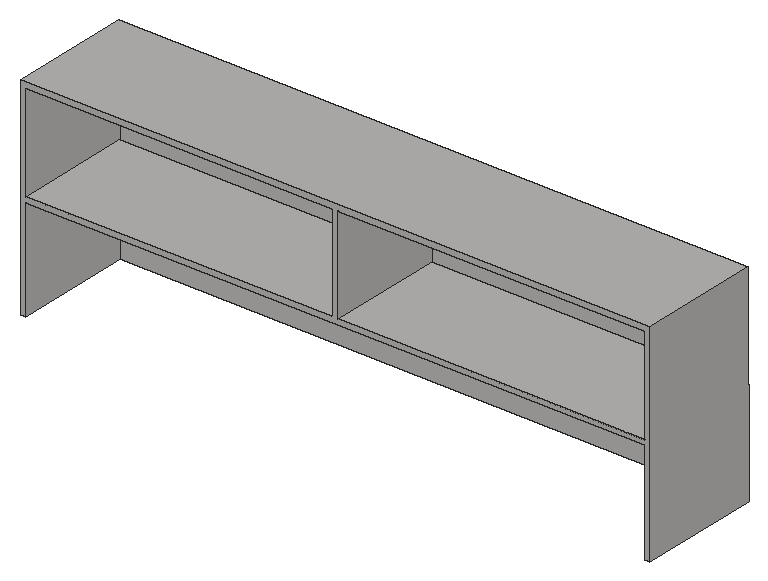
Revit family "Storage-Mounted-Teknion-JNMDO-Desktop_Cabinet_Open-R2016", category Furniture, Revit 2016
Family settings
  OmniClass Number = 23.40.20.00
  OmniClass Title = General Furniture and Specialties
  Work Plane-Based = No
  Always vertical = Yes
  Cut with Voids When Loaded = No
  Shared = Yes
  Room Calculation Point = No
Parameters (values of type "Solid Fascia")
  not(Solid) = no
  Width [instance] = 84.000"
  Warranty = "http://www.teknion.com/ca/papers/legal-canada"
  Unit Weight URL = "http://www.teknion.com/ca/tools/assets#&asset=bee6a381-b954-425e-8283-5a2de3a804f2,f828d448-4b62-4231-9e5f-9a8991c0ed77"
  URL = "www.teknion.com"
  To render, please download texture images [instance] = "https://assets.teknion.com/web/5e81352c1dfdb467/revit-material-swatches/"
  Sustainability Data = "http://www.teknion.com/ca/tools/assets#&topic=216f99a5-57a0-44fc-b10a-9dee9b29ae4c&asset=444deb64-fe58-4b68-981e-f75e97781df7"
  Solid = yes
  How To Use Teknion Materials User Guide [instance] = "https://assets.teknion.com/m/205dd0a49fa58060/original/How-to-add-a-Material-Library-and-Texture-Images-to-your-Revit-project.pdf"
  Glass Markerboard Finish [instance] = Back-painted Glass - K7 - Teknion - Very White
  Glass = no
  For Additional Finishes, please visit [instance] = "https://assets.teknion.com/m/44a8009b046e5d47/original/Teknion_Materials_Library.zip"
  Felt & Fabric = no
  Series = "Cityline"  # constant formula
  Product Page URL = "http://www.teknion.com/ca/products/product-details?productlineid=9ad2a26e-8e7a-673b-a6c8-ff05004460c4"
  Product Line = "Cityline"  # constant formula
  Product Documentation Link = "http://www.teknion.com/pricing/expansion-cityline/pdfs/JNMDO_ppg.pdf"
  Part Number = "JNMDO"
  Model = "JNMDOS___"
  Manufacturer Phone = "416-661-3370"  # constant formula
  Manufacturer Fax = "416.661.4586"  # constant formula
  Manufacturer Contact Information = "http://www.teknion.com/ca/contactus"
  Manufacturer Address = "1150 Flint Road, Toronto, ON. M3J 2J5. Canada"  # constant formula
  Manufacturer = "Teknion"  # constant formula
  Height [instance] = 57.000"
  Fascia Finish [instance] = Fabric-Teknion-E410-Essentials-Mist
  Facia Thickness = if(Glass, 0.138", 0.551")  # 0.551"
  Divider Back Vertical Offset = if(Solid, 14.360", 13.659")  # 14.360"
  Divider Back Offset = if(Solid, 0.701", 0.811")  # 0.701"
  Divider Front Offset = if(not(Solid), 0.811", 0.000")  # 0.000"
  Description = "Desktop Cabinet - Open - Solid Facia"
  Central Divider Offset = if(not(Solid), 7.819", 15.638")  # 15.638"
  Center Divider Vertical Offset = if(Solid, 0.701", 14.360")  # 0.701"
  Case Finish = Laminate - Teknion - 2T -Crisp Grey
  Available Width [instance] = "30, 36, 42, 48, 54, 60, 66, 72, 78, and 84 Inches"  # constant formula
  Available Height [instance] = "51 and 57 Inches"  # constant formula
  Assembly Code = "E2020200"
  Actual Height [instance] = if(Height = 51.000", 50.660", Height)  # 57.000"
Types (5): name | not(Solid) | Solid | Glass | Felt & Fabric | Model | Height | Fascia Finish | Facia Thickness | Divider Back Vertical Offset | Divider Back Offset | Divider Front Offset | Description | Central Divider Offset | Center Divider Vertical Offset | Actual Height
  (no name) | no | yes | no | no | "JNMDOS___" | 57.000" | Fabric-Teknion-E410-Essentials-Mist | 0.551" | 14.360" | 0.701" | 0.000" | "Desktop Cabinet - Open - Solid Facia" | 15.638" | 0.701" | 57.000"
  Felt Tackboard Facia | yes | no | no | yes | "JNMDOE___" | 57.000" | Fabric-Teknion-RB11-Carbon | 0.551" | 13.659" | 0.811" | 0.811" | "Desktop Cabinet - Open - Felt Tackboard Facia" | 7.819" | 14.360" | 57.000"
  Fabric Tackboard Facia | yes | no | no | yes | "JNMDOF___" | 51.000" | Fabric-Teknion-E410-Essentials-Mist | 0.551" | 13.659" | 0.811" | 0.811" | "Desktop Cabinet - Open - Fabric Tackboard Facia" | 7.819" | 14.360" | 50.660"
  Magnetic Glass Fascia | yes | no | yes | no | "JNMDOM___" | 57.000" | Paint | 0.138" | 13.659" | 0.811" | 0.811" | "Desktop Cabinet - Open - Magnetic Glass Facia" | 7.819" | 14.360" | 57.000"
  Solid Fascia | no | yes | no | no | "JNMDOS___" | 57.000" | Fabric-Teknion-E410-Essentials-Mist | 0.551" | 14.360" | 0.701" | 0.000" | "Desktop Cabinet - Open - Solid Facia" | 15.638" | 0.701" | 57.000"
Reference planes (in)
  plane 1 "Center Front/Back": y = 0
  plane 2: z = 0
  plane 3 "Center Left/Right": x = 0
  plane 4 "Left": x = -42
  plane 5 "Right": x = 42
  plane 6 "Back": y = 8.16929
  plane 7 "Front": y = -8.16929
  plane 8 "Top": z = 57
  plane 9: z = 29
  plane 10: x = -41.29921
  plane 11: x = 41.29921
  plane 12: z = 42.64
  plane 13: z = 43.34079
  plane 14: z = 56.29921
  plane 15: x = -0.35039
  plane 16: x = 0.35039
  plane 17: y = 7.46829
  plane 18: y = -8.16929
  plane 19: y = -10.16929
  plane 20: y = 10.16929
  plane 21: z = 42.64
  plane 22: y = 8.16971
  plane 23: y = 7.46871
  plane 24: z = 56.299
  plane 25: y = 6.76729
  plane 26: y = -7.46829
  plane 27: y = 8.01929
  plane 28: y = -8.72029
  plane 29: y = -8.93629
  plane 30: y = 8.23529
Forms (in)
  Extrusion 1, solid, material "Laminate - Teknion - 2T -Crisp Grey" <- "Case Finish"
    sketch origin (0, 0, 0) x (1, 0, 0) y (0, 0, 1)
      loop
        line (-42, 57) -> (-42, 29) -> (-41.29921, 29) -> (-41.29921, 42.64) -> (41.29921, 42.64) -> (41.29921, 29) -> (42, 29) -> (42, 57) -> (-42, 57)
      loop
        line (-41.29921, 56.29921) -> (-41.29921, 43.34079) -> (-0.35039, 43.34079) -> (-0.35039, 56.29921) -> (-41.29921, 56.29921)
      loop
        line (41.29921, 56.29921) -> (0.35039, 56.29921) -> (0.35039, 43.34079) -> (41.29921, 43.34079) -> (41.29921, 56.29921)
    from -8.16929 to 8.16929
  Extrusion 2, void
    sketch origin (0, 0, 0) x (1, 0, 0) y (0, 1, 0)
      loop
        line (-0.35039, -8.16929) -> (-0.35039, -10.16929) -> (0.35039, -10.16929) -> (0.35039, -8.16929) -> (-0.35039, -8.16929)
    from 42.64 to 56.29921
  Extrusion 3, void
    sketch origin (0, 0, 0) x (1, 0, 0) y (0, 1, 0)
      loop
        line (-41.29921, 10.16929) -> (-41.29921, 7.46829) -> (41.29921, 7.46829) -> (41.29921, 10.16929) -> (-41.29921, 10.16929)
    from 42.64 to 56.29921
  Extrusion 4, solid, material "Laminate - Teknion - 2T -Crisp Grey" <- "Case Finish"
    sketch origin (0, 0, 0) x (1, 0, 0) y (0, 1, 0)
      loop
        line (-41.29921, 8.16971) -> (-41.29921, 7.46871) -> (41.29921, 7.46871) -> (41.29921, 8.16971) -> (-41.29921, 8.16971)
    from 29 to 56.299
  Extrusion 5, solid, material "Laminate - Teknion - 2T -Crisp Grey" <- "Case Finish", visible <- "not(Solid)"
    sketch origin (0, 0, 0) x (1, 0, 0) y (0, 1, 0)
      loop
        line (0.35039, 7.46829) -> (0.35039, 6.76729) -> (41.29921, 6.76729) -> (41.29921, 7.46829) -> (0.35039, 7.46829)
      loop
        line (-41.29921, -7.46829) -> (-41.29921, -8.16929) -> (-0.35039, -8.16929) -> (-0.35039, -7.46829) -> (-41.29921, -7.46829)
    from 42.64 to 56.29921
  Extrusion 6, solid, material "Fabric-Teknion-E410-Essentials-Mist" <- "Fascia Finish", visible <- "not(Solid)"
    sketch origin (0, 0, 0) x (1, 0, 0) y (0, 1, 0)
      loop
        line (-0.35039, 8.01929) -> (-0.35039, 7.46829) -> (41.29921, 7.46829) -> (41.29921, 8.01929) -> (-0.35039, 8.01929)
      loop
        line (-41.29921, -8.16929) -> (-41.29921, -8.72029) -> (0.35039, -8.72029) -> (0.35039, -8.16929) -> (-41.29921, -8.16929)
    from 42.64 to 56.29921
  Extrusion 7, solid, material "Back-painted Glass - K7 - Teknion - Very White" <- "Glass Markerboard Finish", visible <- "Glass"
    sketch origin (0, 0, 0) x (1, 0, 0) y (0, 1, 0)
      loop
        line (-0.35039, 8.23529) -> (-0.35039, 8.01929) -> (41.29921, 8.01929) -> (41.29921, 8.23529) -> (-0.35039, 8.23529)
      loop
        line (-41.29921, -8.72029) -> (-41.29921, -8.93629) -> (0.35039, -8.93629) -> (0.35039, -8.72029) -> (-41.29921, -8.72029)
    from 42.64 to 56.29921
Cuts and joins
  Extrusion 2, Extrusion 3 cuts Extrusion 1
Lines and regions (in)
  Masking region 1
    outline origin (0, 0, 0) x (1, 0, 0) y (0, 1, 0)
      loop
        line (-42, 8.16929) -> (-42, -8.16929) -> (42, -8.16929) -> (42, 8.16929) -> (-42, 8.16929)
  symbolic lines, style "FurnitureHiddenLines", detail levels medium+fine
    curve 1: line (-41.29921, 8.16929, 0) -> (-41.29921, -8.16929, 0)
    curve 2: line (41.29921, 8.16929, 0) -> (41.29921, -8.16929, 0)
    curve 3: line (41.29921, 0.35071, 0) -> (-41.29921, 0.35071, 0)
    curve 4: line (-41.29921, -9.33651, 0) -> (41.29921, -9.33651, 0)
    curve 5: line (-0.35039, 7.46829, 0) -> (-0.35039, -8.16929, 0)
    curve 6: line (0.35039, -8.16929, 0) -> (0.35039, 7.46829, 0)
    curve 7: line (0.35039, -8.16929, 0) -> (-0.35039, -8.16929, 0)
    curve 8: line (-0.35039, 7.46829, 0) -> (0.35039, 7.46829, 0)
  symbolic lines, style "FurnitureHiddenLines", visible <- "not(Solid)", detail levels medium+fine
    curve 9: line (-41.29921, -8.16929, 0) -> (-0.35039, -8.16929, 0)
    curve 10: line (-0.35039, -7.46829, 0) -> (-41.29921, -7.46829, 0)
    curve 11: line (0.35039, 6.76729, 0) -> (41.29921, 6.76729, 0)
    curve 12: line (41.29921, 7.46829, 0) -> (0.35039, 7.46829, 0)
    curve 13: line (-0.35039, 8.01929, 0) -> (-0.35039, 7.46829, 0)
    curve 14: line (-0.35039, 8.01929, 0) -> (41.29921, 8.01929, 0)
    curve 15: line (0.35039, -8.72029, 0) -> (0.35039, -8.16929, 0)
    curve 16: line (0.35039, -8.72029, 0) -> (-41.29921, -8.72029, 0)
  symbolic lines, style "FurnitureHiddenLines", visible <- "Glass", detail levels medium+fine
    curve 17: line (-0.35039, 8.23529, 0) -> (-0.35039, 8.01929, 0)
    curve 18: line (41.29921, 8.23529, 0) -> (-0.35039, 8.23529, 0)
    curve 19: line (0.35039, -8.93629, 0) -> (0.35039, -8.72029, 0)
    curve 20: line (-41.29921, -8.93629, 0) -> (0.35039, -8.93629, 0)
Dimensions and locks (in)
  "Width": plane 4 "Left" to plane 5 "Right"
  locked: plane 6 "Back" to plane 7 "Front" at 16.33858
  "Height": plane 8 "Top" to level
  locked: plane 9 to level at 29
  plane 8 "Top" to plane 14 to plane 13 to plane 12 = 0.70079" locked, 12.95843" locked, 0.70079" locked
  plane 15 to plane 3 "Center Left/Right" to plane 16 = 0.35039" locked, 0.35039" locked
  "Divider Back Offset": plane 6 "Back" to plane 17
  "Divider Front Offset": plane 7 "Front" to plane 18
  locked: plane 19 to plane 7 "Front" at 2
  locked: plane 20 to plane 6 "Back" at 2
  "Divider Back Vertical Offset": plane 8 "Top" to plane 21
  locked: plane 22 to plane 23 at 0.701
  "Central Divider Offset": plane 23 to plane 7 "Front"
  "Center Divider Vertical Offset": plane 8 "Top" to plane 24
  locked: plane 4 "Left" to plane 10 at 0.70079
  locked: plane 11 to plane 5 "Right" at 0.70079
  locked: plane 17 to plane 25 at 0.701
  locked: plane 26 to plane 18 at 0.701
  "Facia Thickness": plane 27 to plane 17
  "Facia Thickness": plane 28 to plane 18
  equal spacing: plane 4 "Left", plane 3 "Center Left/Right", plane 5 "Right"
  locked: plane 30 to plane 27 at 0.216
  locked: plane 28 to plane 29 at 0.216
  aligned and locked: level to plane 2
  aligned and locked: Extrusion 1 sketch curve to plane 9  (x2)
  aligned and locked: plane 5 "Right" to Extrusion 1 sketch curve
  aligned and locked: plane 11 to Extrusion 1 sketch curve  (x2)
  aligned and locked: Extrusion 1 sketch curve to plane 12
  aligned and locked: Extrusion 1 sketch curve to plane 13  (x2)
  aligned and locked: Extrusion 1 sketch curve to plane 8 "Top"
  aligned and locked: plane 16 to Extrusion 1 sketch curve
  aligned and locked: Extrusion 1 sketch curve to plane 15
  aligned and locked: Extrusion 1 sketch curve to plane 14  (x2)
  aligned and locked: Extrusion 1 sketch curve to plane 10  (x2)
  aligned and locked: Extrusion 1 sketch curve to plane 4 "Left"
  aligned and locked: plane 6 "Back" to Extrusion 1
  aligned and locked: plane 7 "Front" to Extrusion 1
  aligned and locked: plane 18 to Extrusion 2 sketch curve
  aligned and locked: plane 16 to Extrusion 2 sketch curve
  aligned and locked: Extrusion 2 sketch curve to plane 15
  aligned and locked: Extrusion 2 to plane 19
  aligned and locked: plane 10 to Extrusion 3 sketch curve
  aligned and locked: plane 17 to Extrusion 3 sketch curve
  aligned and locked: Extrusion 3 sketch curve to plane 20
  aligned and locked: Extrusion 3 sketch curve to plane 11
  aligned and locked: plane 14 to Extrusion 3
  aligned and locked: Extrusion 3 to plane 21
  aligned and locked: plane 10 to Extrusion 4 sketch curve
  aligned and locked: plane 23 to Extrusion 4 sketch curve
  aligned and locked: Extrusion 4 sketch curve to plane 22
  aligned and locked: Extrusion 4 sketch curve to plane 11
  aligned and locked: Extrusion 4 to plane 9
  aligned and locked: plane 24 to Extrusion 4
  aligned and locked: Extrusion 5 sketch curve to plane 26
  aligned and locked: plane 10 to Extrusion 5 sketch curve
  aligned and locked: Extrusion 5 sketch curve to plane 18
  aligned and locked: Extrusion 5 sketch curve to plane 15
  aligned and locked: Extrusion 5 sketch curve to plane 16
  aligned and locked: Extrusion 5 sketch curve to plane 17
  aligned and locked: plane 25 to Extrusion 5 sketch curve
  aligned and locked: plane 11 to Extrusion 5 sketch curve
  aligned and locked: plane 14 to Extrusion 5
  aligned and locked: Extrusion 5 to plane 21
  aligned and locked: plane 15 to Extrusion 6 sketch curve
  aligned and locked: plane 17 to Extrusion 6 sketch curve
  aligned and locked: Extrusion 6 sketch curve to plane 27
  aligned and locked: plane 11 to Extrusion 6 sketch curve
  aligned and locked: plane 18 to Extrusion 6 sketch curve
  aligned and locked: Extrusion 6 sketch curve to plane 10
  aligned and locked: plane 28 to Extrusion 6 sketch curve
  aligned and locked: plane 16 to Extrusion 6 sketch curve
  aligned and locked: plane 14 to Extrusion 6
  aligned and locked: Extrusion 6 to plane 21
  aligned and locked: plane 29 to Extrusion 7 sketch curve
  aligned and locked: Extrusion 7 sketch curve to plane 10
  aligned and locked: Extrusion 7 sketch curve to plane 28
  aligned and locked: plane 16 to Extrusion 7 sketch curve
  aligned and locked: plane 15 to Extrusion 7 sketch curve
  aligned and locked: plane 27 to Extrusion 7 sketch curve
  aligned and locked: Extrusion 7 sketch curve to plane 30
  aligned and locked: Extrusion 7 sketch curve to plane 11
  aligned and locked: plane 14 to Extrusion 7
  aligned and locked: Extrusion 7 to plane 21
  aligned and locked: Masking region 1 sketch curve to plane 6 "Back"
  aligned and locked: Masking region 1 sketch curve to plane 4 "Left"
  aligned and locked: Masking region 1 sketch curve to plane 7 "Front"
  aligned and locked: Masking region 1 sketch curve to plane 5 "Right"
  aligned and locked: curve 1 to plane 10
  aligned and locked: curve 2 to plane 11
  aligned and locked: curve 5 to cut or joined group of Extrusion 1, Extrusion 2, Extrusion 3
  aligned and locked: cut or joined group of Extrusion 1, Extrusion 2, Extrusion 3 to curve 6
  aligned and locked: curve 7 to cut or joined group of Extrusion 1, Extrusion 2, Extrusion 3
  aligned and locked: cut or joined group of Extrusion 1, Extrusion 2, Extrusion 3 to curve 8
  aligned and locked: curve 9 to Extrusion 5
  aligned and locked: curve 10 to Extrusion 5
  aligned and locked: curve 11 to Extrusion 5
  aligned and locked: curve 12 to Extrusion 5
  aligned and locked: curve 13 to Extrusion 6
  aligned and locked: curve 14 to Extrusion 7
  aligned and locked: curve 15 to Extrusion 6
  aligned and locked: curve 16 to Extrusion 7
  aligned and locked: curve 17 to Extrusion 7
  aligned and locked: curve 18 to Extrusion 7
  aligned and locked: curve 19 to Extrusion 7
  aligned and locked: curve 20 to Extrusion 7
  aligned and locked: Extrusion 2 to plane 21
  aligned and locked: plane 14 to Extrusion 2
Automatic sketch dimensions
  plane 7 "Front" to Extrusion 2 sketch curve = 2.000"
  plane 7 "Front" to curve 1 = 0.000"
  curve 1 to plane 6 "Back" = 0.000"
  plane 7 "Front" to curve 2 = 0.000"
  curve 2 to plane 6 "Back" = 0.000"
  plane 19 to curve 4 = 0.83278"
  curve 3 to plane 1 "Center Front/Back" = 0.35071"
